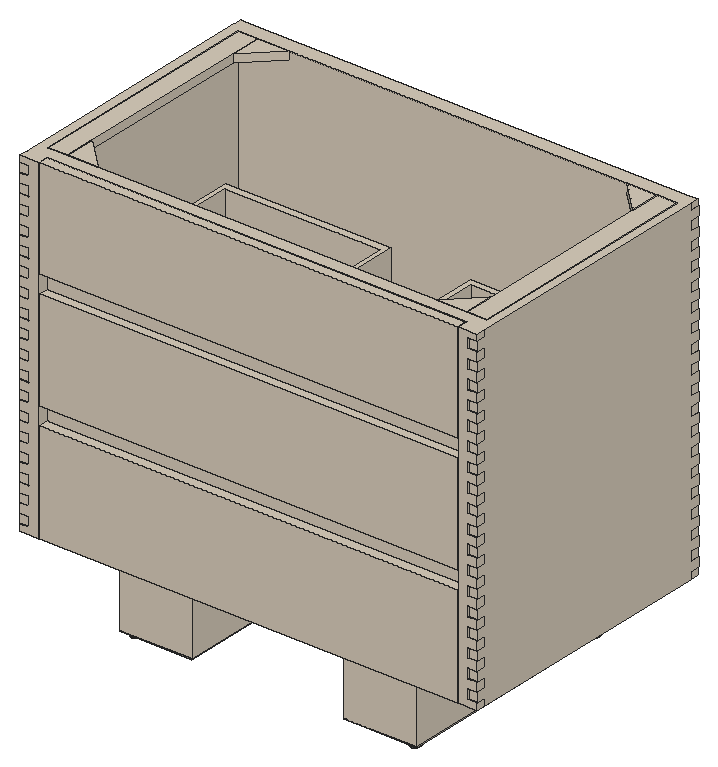
Revit family "Furniture-Floor_Mount-Vanity-KOHLER-Landshapes-K-32298_1", category Casework, host Face, Revit 2021 (continued)
Definition of nested family "K-32298"
  Lines and regions (in)
    symbolic lines, detail levels medium+fine
      curve 218: line (17.66684, -24, 8.83661) -> (17.66684, -24, 8.93307)
      curve 219: line (17.62747, -24, 8.78039) -> (17.66684, -24, 8.83661)
      curve 220: line (17.74558, -24, 6.88976) -> (17.62747, -24, 6.88976)
      curve 221: line (17.74558, -24, 28.93701) -> (17.62747, -24, 28.93701)
      curve 222: line (-23.2623, -1.6378, 32.93307) -> (-23.2623, -2.38583, 32.93307)
      curve 223: line (-23.2623, -2.38583, 32.93307) -> (-23.2623, -2.38583, 33.50394)
      curve 224: line (-23.2623, -2.38583, 32.18504) -> (-23.2623, -1.6378, 32.18504)
      curve 225: line (-23.2623, -2.38583, 31.43701) -> (-23.2623, -2.38583, 32.18504)
      curve 226: line (-23.2623, -1.6378, 31.43701) -> (-23.2623, -2.38583, 31.43701)
      curve 227: line (-23.2623, -2.38583, 30.68898) -> (-23.2623, -1.6378, 30.68898)
      curve 228: line (-23.2623, -2.38583, 29.94094) -> (-23.2623, -2.38583, 30.68898)
      curve 229: line (-23.2623, -1.6378, 29.94094) -> (-23.2623, -2.38583, 29.94094)
      curve 230: line (-23.2623, -2.38583, 29.19291) -> (-23.2623, -1.6378, 29.19291)
      curve 231: line (-23.2623, -2.38583, 28.44488) -> (-23.2623, -2.38583, 29.19291)
      curve 232: line (-23.2623, -1.6378, 28.44488) -> (-23.2623, -2.38583, 28.44488)
      curve 233: line (-23.2623, -2.38583, 27.69685) -> (-23.2623, -1.6378, 27.69685)
      curve 234: line (-23.2623, -2.38583, 26.94882) -> (-23.2623, -2.38583, 27.69685)
      curve 235: line (-23.2623, -1.6378, 26.94882) -> (-23.2623, -2.38583, 26.94882)
      curve 236: line (-23.2623, -2.38583, 26.20079) -> (-23.2623, -1.6378, 26.20079)
      curve 237: line (-23.2623, -2.38583, 25.45276) -> (-23.2623, -2.38583, 26.20079)
      curve 238: line (-23.2623, -1.6378, 25.45276) -> (-23.2623, -2.38583, 25.45276)
      curve 239: line (-23.2623, -2.38583, 24.70472) -> (-23.2623, -1.6378, 24.70472)
      curve 240: line (-23.2623, -2.38583, 23.95669) -> (-23.2623, -2.38583, 24.70472)
      curve 241: line (-23.2623, -1.6378, 23.95669) -> (-23.2623, -2.38583, 23.95669)
      curve 242: line (-23.2623, -2.38583, 23.20866) -> (-23.2623, -1.6378, 23.20866)
      curve 243: line (-23.2623, -2.38583, 22.46063) -> (-23.2623, -2.38583, 23.20866)
      curve 244: line (-23.2623, -1.6378, 22.46063) -> (-23.2623, -2.38583, 22.46063)
      curve 245: line (-23.2623, -2.38583, 21.7126) -> (-23.2623, -1.6378, 21.7126)
      curve 246: line (-23.2623, -2.38583, 20.96457) -> (-23.2623, -2.38583, 21.7126)
      curve 247: line (-23.2623, -1.6378, 20.96457) -> (-23.2623, -2.38583, 20.96457)
      curve 248: line (-23.2623, -2.38583, 20.21654) -> (-23.2623, -1.6378, 20.21654)
      curve 249: line (-23.2623, -2.38583, 19.4685) -> (-23.2623, -2.38583, 20.21654)
      curve 250: line (-23.2623, -1.6378, 19.4685) -> (-23.2623, -2.38583, 19.4685)
      curve 251: line (-23.2623, -2.38583, 18.72047) -> (-23.2623, -1.6378, 18.72047)
      curve 252: line (-23.2623, -2.38583, 17.97244) -> (-23.2623, -2.38583, 18.72047)
      curve 253: line (-23.2623, -1.6378, 17.97244) -> (-23.2623, -2.38583, 17.97244)
      curve 254: line (-23.2623, -2.38583, 17.22441) -> (-23.2623, -1.6378, 17.22441)
      curve 255: line (-23.2623, -2.38583, 16.47638) -> (-23.2623, -2.38583, 17.22441)
      curve 256: line (-23.2623, -1.6378, 16.47638) -> (-23.2623, -2.38583, 16.47638)
      curve 257: line (-23.2623, -2.38583, 15.72835) -> (-23.2623, -1.6378, 15.72835)
      curve 258: line (-23.2623, -2.38583, 14.98031) -> (-23.2623, -2.38583, 15.72835)
      curve 259: line (-23.2623, -1.6378, 14.98031) -> (-23.2623, -2.38583, 14.98031)
      curve 260: line (-23.2623, -2.38583, 14.23228) -> (-23.2623, -1.6378, 14.23228)
      curve 261: line (-23.2623, -2.38583, 13.48425) -> (-23.2623, -2.38583, 14.23228)
      curve 262: line (-23.2623, -1.6378, 13.48425) -> (-23.2623, -2.38583, 13.48425)
      curve 263: line (-23.2623, -2.38583, 12.73622) -> (-23.2623, -1.6378, 12.73622)
      curve 264: line (-23.2623, -2.38583, 11.98819) -> (-23.2623, -2.38583, 12.73622)
      curve 265: line (-23.2623, -1.6378, 11.98819) -> (-23.2623, -2.38583, 11.98819)
      curve 266: line (-23.2623, -2.38583, 11.24016) -> (-23.2623, -1.6378, 11.24016)
      curve 267: line (-23.2623, -2.38583, 10.49213) -> (-23.2623, -2.38583, 11.24016)
      curve 268: line (-23.2623, -1.6378, 10.49213) -> (-23.2623, -2.38583, 10.49213)
      curve 269: line (-23.2623, -2.38583, 9.74409) -> (-23.2623, -1.6378, 9.74409)
      curve 270: line (-23.2623, -2.38583, 8.99606) -> (-23.2623, -2.38583, 9.74409)
      curve 271: line (-23.2623, -1.6378, 8.99606) -> (-23.2623, -2.38583, 8.99606)
      curve 272: line (-23.2623, -2.38583, 8.24803) -> (-23.2623, -1.6378, 8.24803)
      curve 273: line (-23.2623, -2.38583, 7.5) -> (-23.2623, -2.38583, 8.24803)
      curve 274: line (-23.2623, -1.6378, 7.5) -> (-23.2623, -2.38583, 7.5)
      curve 275: line (-23.2623, -2.38583, 6.75197) -> (-23.2623, -1.6378, 6.75197)
      curve 276: line (-23.2623, -2.38583, 6.1811) -> (-23.2623, -2.38583, 6.75197)
      curve 277: line (-23.2623, -1.6378, 6.1811) -> (-23.2623, -23.99016, 6.1811)
      curve 278: line (-23.2623, -22.0315, 0.3937) -> (-23.2623, -2.38583, 0.3937)
      curve 279: line (-23.2623, -2.50394, 0.27559) -> (-23.2623, -21.91339, 0.27559)
      curve 280: line (-23.2623, -24, 32.93307) -> (-23.2623, -23.25197, 32.93307)
      curve 281: line (-23.2623, -23.25197, 32.93307) -> (-23.2623, -23.25197, 33.50394)
      curve 282: line (-23.2623, -23.25197, 32.18504) -> (-23.2623, -24, 32.18504)
      curve 283: line (-23.2623, -23.25197, 31.43701) -> (-23.2623, -23.25197, 32.18504)
      curve 284: line (-23.2623, -24, 31.43701) -> (-23.2623, -23.25197, 31.43701)
      curve 285: line (-23.2623, -23.25197, 30.68898) -> (-23.2623, -24, 30.68898)
      curve 286: line (-23.2623, -23.25197, 29.94094) -> (-23.2623, -23.25197, 30.68898)
      curve 287: line (-23.2623, -24, 29.94094) -> (-23.2623, -23.25197, 29.94094)
      curve 288: line (-23.2623, -23.25197, 29.19291) -> (-23.2623, -24, 29.19291)
      curve 289: line (-23.2623, -23.25197, 28.44488) -> (-23.2623, -23.25197, 29.19291)
      curve 290: line (-23.2623, -24, 28.44488) -> (-23.2623, -23.25197, 28.44488)
      curve 291: line (-23.2623, -23.25197, 27.69685) -> (-23.2623, -24, 27.69685)
      curve 292: line (-23.2623, -23.25197, 26.94882) -> (-23.2623, -23.25197, 27.69685)
      curve 293: line (-23.2623, -24, 26.94882) -> (-23.2623, -23.25197, 26.94882)
      curve 294: line (-23.2623, -23.25197, 26.20079) -> (-23.2623, -24, 26.20079)
      curve 295: line (-23.2623, -23.25197, 25.45276) -> (-23.2623, -23.25197, 26.20079)
      curve 296: line (-23.2623, -24, 25.45276) -> (-23.2623, -23.25197, 25.45276)
      curve 297: line (-23.2623, -23.25197, 24.70472) -> (-23.2623, -24, 24.70472)
      curve 298: line (-23.2623, -23.25197, 23.95669) -> (-23.2623, -23.25197, 24.70472)
      curve 299: line (-23.2623, -24, 23.95669) -> (-23.2623, -23.25197, 23.95669)
      curve 300: line (-23.2623, -23.25197, 23.20866) -> (-23.2623, -24, 23.20866)
      curve 301: line (-23.2623, -23.25197, 22.46063) -> (-23.2623, -23.25197, 23.20866)
      curve 302: line (-23.2623, -24, 22.46063) -> (-23.2623, -23.25197, 22.46063)
      curve 303: line (-23.2623, -23.25197, 21.7126) -> (-23.2623, -24, 21.7126)
      curve 304: line (-23.2623, -23.25197, 20.96457) -> (-23.2623, -23.25197, 21.7126)
      curve 305: line (-23.2623, -24, 20.96457) -> (-23.2623, -23.25197, 20.96457)
      curve 306: line (-23.2623, -23.25197, 20.21654) -> (-23.2623, -24, 20.21654)
      curve 307: line (-23.2623, -23.25197, 19.4685) -> (-23.2623, -23.25197, 20.21654)
      curve 308: line (-23.2623, -24, 19.4685) -> (-23.2623, -23.25197, 19.4685)
      curve 309: line (-23.2623, -23.25197, 18.72047) -> (-23.2623, -24, 18.72047)
      curve 310: line (-23.2623, -23.25197, 17.97244) -> (-23.2623, -23.25197, 18.72047)
      curve 311: line (-23.2623, -24, 17.97244) -> (-23.2623, -23.25197, 17.97244)
      curve 312: line (-23.2623, -23.25197, 17.22441) -> (-23.2623, -24, 17.22441)
      curve 313: line (-23.2623, -23.25197, 16.47638) -> (-23.2623, -23.25197, 17.22441)
      curve 314: line (-23.2623, -24, 16.47638) -> (-23.2623, -23.25197, 16.47638)
      curve 315: line (-23.2623, -23.25197, 15.72835) -> (-23.2623, -24, 15.72835)
      curve 316: line (-23.2623, -23.25197, 14.98031) -> (-23.2623, -23.25197, 15.72835)
      curve 317: line (-23.2623, -24, 14.98031) -> (-23.2623, -23.25197, 14.98031)
      curve 318: line (-23.2623, -23.25197, 14.23228) -> (-23.2623, -24, 14.23228)
      curve 319: line (-23.2623, -23.25197, 13.48425) -> (-23.2623, -23.25197, 14.23228)
      curve 320: line (-23.2623, -24, 13.48425) -> (-23.2623, -23.25197, 13.48425)
      curve 321: line (-23.2623, -23.25197, 12.73622) -> (-23.2623, -24, 12.73622)
      curve 322: line (-23.2623, -23.25197, 11.98819) -> (-23.2623, -23.25197, 12.73622)
      curve 323: line (-23.2623, -24, 11.98819) -> (-23.2623, -23.25197, 11.98819)
      curve 324: line (-23.2623, -23.25197, 11.24016) -> (-23.2623, -24, 11.24016)
      curve 325: line (-23.2623, -23.25197, 10.49213) -> (-23.2623, -23.25197, 11.24016)
      curve 326: line (-23.2623, -24, 10.49213) -> (-23.2623, -23.25197, 10.49213)
      curve 327: line (-23.2623, -23.25197, 9.74409) -> (-23.2623, -24, 9.74409)
      curve 328: line (-23.2623, -23.25197, 8.99606) -> (-23.2623, -23.25197, 9.74409)
      curve 329: line (-23.2623, -24, 8.99606) -> (-23.2623, -23.25197, 8.99606)
      curve 330: line (-23.2623, -23.25197, 8.24803) -> (-23.2623, -24, 8.24803)
      curve 331: line (-23.2623, -23.25197, 7.5) -> (-23.2623, -23.25197, 8.24803)
      curve 332: line (-23.2623, -24, 7.5) -> (-23.2623, -23.25197, 7.5)
      curve 333: line (-23.2623, -23.25197, 6.75197) -> (-23.2623, -24, 6.75197)
      curve 334: line (-23.2623, -23.25197, 6.1811) -> (-23.2623, -23.25197, 6.75197)
      curve 335: line (-23.2623, -2.70079, 0.0701) -> (-23.2623, -3.48327, 0.0701)
      curve 336: line (-23.2623, -21.71117, 0.0701) -> (-23.2623, -20.92869, 0.0701)
      curve 337: line (-15.43307, -5.3622, 0) -> (-12.92913, -2.85827, 0)
      curve 338: line (-12.92913, -22.11024, 0) -> (-15.43307, -19.6063, 0)
      curve 339: line (16.92913, -19.6063, 0) -> (14.4252, -22.11024, 0)
      curve 340: line (14.4252, -2.85827, 0) -> (16.91881, -5.35188, 0)
      curve 341: line (16.89866, -5.33935, 0) -> (15.66263, -5.33935, 0)
      curve 342: line (15.66263, -5.33935, 0) -> (15.66263, -5.5748, 0)
      curve 343: line (15.68947, -5.33935, 0) -> (15.68947, -5.5748, 0)
      curve 344: line (16.82309, -5.51368, 0) -> (16.89866, -5.51368, 0)
      curve 345: line (16.89866, -5.51368, 0) -> (16.89866, -5.33935, 0)
      curve 346: line (16.82309, -5.51368, 0) -> (16.82309, -5.39914, 0)
      curve 347: line (16.82309, -5.39914, 0) -> (16.02439, -5.39914, 0)
      curve 348: line (16.02439, -5.39914, 0) -> (16.02439, -5.5748, 0)
      curve 349: line (16.84194, -5.51368, 0) -> (16.84194, -5.5748, 0)
      curve 350: line (16.75929, -5.39914, 0) -> (16.75929, -5.33935, 0)
      curve 351: line (16.62011, -5.39914, 0) -> (16.62011, -5.33935, 0)
      curve 352: line (16.14618, -5.39914, 0) -> (16.14618, -5.33935, 0)
      curve 353: line (16.19547, -5.39914, 0) -> (16.19547, -5.5748, 0)
      curve 354: line (16.65925, -5.39914, 0) -> (16.65925, -5.5748, 0)
      curve 355: line (15.78951, -5.33935, 0) -> (15.78951, -5.5748, 0)
  Dimensions and locks (in)
    equal spacing: plane 3 "Left", plane 2 "Center (Left/Right)", plane 4 "Right"
    "Height": level to plane 6 "Top"
    plane 9 to plane 5 "Front" = 22.3622"
    plane 10 to plane 11 = 33.77953"
    plane 12 to plane 5 "Front" = 15.59055"
    plane 20 to plane 19 = 22.6378"
    plane 25 to plane 24 = 18.22835"
    plane 9 to plane 23 = 0.74803"
    plane 7 to plane 8 = 37.00787"
    equal spacing: plane 26, plane 2 "Center (Left/Right)", plane 27
    aligned and locked: plane 1 to level
    aligned and locked: plane 26 to plane 7
    aligned and locked: plane 27 to plane 8
    aligned and locked: plane 10 to plane 28
    aligned and locked: plane 29 to plane 11
  Automatic sketch dimensions
    curve 100 to plane 7 = 0"
    curve 99 to plane 7 = 0"
    curve 97 to plane 7 = 0"
    curve 96 to plane 7 = 0"
    curve 66 to plane 7 = 0"
    curve 63 to plane 7 = 0"
    curve 105 to plane 7 = 0"
    curve 94 to plane 7 = 0"
    curve 92 to plane 7 = 0"
    curve 49 to plane 7 = 0"
    curve 91 to plane 7 = 0"
    curve 90 to plane 7 = 0"
    curve 51 to plane 7 = 0"
    curve 88 to plane 7 = 0"
    curve 86 to plane 7 = 0"
    curve 103 to plane 7 = 0"
    curve 85 to plane 7 = 0"
    curve 84 to plane 7 = 0"
    curve 102 to plane 7 = 0"
    curve 82 to plane 7 = 0"
    curve 81 to plane 7 = 0"
    curve 55 to plane 7 = 0"
    curve 79 to plane 7 = 0"
    curve 78 to plane 7 = 0"
    curve 57 to plane 7 = 0"
    curve 76 to plane 7 = 0"
    curve 75 to plane 7 = 0"
    curve 58 to plane 7 = 0"
    curve 73 to plane 7 = 0"
    curve 67 to plane 7 = 0"
    curve 60 to plane 7 = 0"
    curve 72 to plane 7 = 0"
    curve 70 to plane 7 = 0"
    curve 61 to plane 7 = 0"
    curve 69 to plane 7 = 0"
    curve 64 to plane 7 = 0"
    curve 47 to plane 6 "Top" = 0"
    curve 46 to plane 6 "Top" = 0"
    curve 48 to plane 6 "Top" = 0"
    curve 48 to plane 16 = 0"
    curve 211 to plane 10 = 0"
    curve 111 to plane 10 = 0"
    curve 54 to plane 10 = 0"
    curve 118 to plane 10 = 0"
    curve 120 to plane 10 = 0"
    curve 127 to plane 16 = 0"
    curve 127 to plane 21 = 0"
    curve 126 to plane 21 = 0"
    curve 124 to plane 15 = 0"
    curve 203 to plane 16 = 0"
    curve 200 to plane 15 = 0"
    plane 22 to curve 202 = 0"
    plane 22 to curve 203 = 0"
    plane 11 to curve 108 = 0"
    plane 11 to curve 53 = 0"
    plane 11 to curve 109 = 0"
    plane 11 to curve 120 = 0"
    plane 11 to curve 220 = 0"
    curve 131 to plane 6 "Top" = 0"
    curve 131 to plane 16 = 0"
    curve 129 to plane 6 "Top" = 0"
    curve 130 to plane 6 "Top" = 0"
    plane 8 to curve 149 = 0"
    plane 8 to curve 140 = 0"
    plane 8 to curve 151 = 0"
    plane 8 to curve 152 = 0"
    plane 8 to curve 139 = 0"
    plane 8 to curve 154 = 0"
    plane 8 to curve 187 = 0"
    plane 8 to curve 137 = 0"
    plane 8 to curve 185 = 0"
    plane 8 to curve 184 = 0"
    plane 8 to curve 148 = 0"
    plane 8 to curve 182 = 0"
    plane 8 to curve 181 = 0"
    plane 8 to curve 132 = 0"
    plane 8 to curve 179 = 0"
    plane 8 to curve 178 = 0"
    plane 8 to curve 176 = 0"
    plane 8 to curve 142 = 0"
    plane 8 to curve 174 = 0"
    plane 8 to curve 146 = 0"
    plane 8 to curve 173 = 0"
    plane 8 to curve 145 = 0"
    plane 8 to curve 172 = 0"
    plane 8 to curve 170 = 0"
    plane 8 to curve 168 = 0"
    plane 8 to curve 134 = 0"
    plane 8 to curve 167 = 0"
    plane 8 to curve 166 = 0"
    plane 8 to curve 164 = 0"
    plane 8 to curve 163 = 0"
    plane 8 to curve 161 = 0"
    plane 8 to curve 160 = 0"
    plane 8 to curve 158 = 0"
    plane 8 to curve 143 = 0"
    plane 8 to curve 157 = 0"
    plane 8 to curve 155 = 0"
    curve 188 to plane 16 = 0"
    curve 107 to plane 16 = 0"
    plane 7 to curve 47 = 0.00984"
    curve 64 to curve 65 = 0.74803"
    curve 63 to curve 63 = 0.74803"
    curve 65 to curve 67 = 0"
    curve 70 to curve 70 = 0.74803"
    curve 60 to curve 61 = 0"
    curve 75 to curve 74 = 0.74803"
    curve 74 to curve 76 = 0"
    curve 57 to curve 58 = 0"
    curve 77 to curve 79 = 0"
    curve 80 to curve 82 = 0"
    curve 100 to curve 101 = 0.74803"
    curve 85 to curve 85 = 0.74803"
    curve 101 to curve 103 = 0"
    curve 86 to curve 88 = 0"
    curve 51 to curve 55 = 0"
    curve 89 to curve 91 = 0"
    curve 92 to curve 94 = 0"
    curve 95 to curve 97 = 0"
    curve 210 to plane 10 = 0.03937"
    curve 207 to plane 10 = 0.03937"
    curve 117 to plane 10 = 0.03937"
    curve 114 to plane 10 = 0.03937"
    plane 10 to curve 205 = 0.07874"
    plane 10 to curve 111 = 0.07874"
    curve 111 to curve 112 = 0"
    curve 205 to curve 206 = 0"
    plane 11 to curve 214 = 0.07874"
    plane 11 to curve 191 = 0.07874"
    curve 213 to curve 214 = 0"
    curve 190 to curve 191 = 0"
    curve 196 to plane 11 = 0.03937"
    curve 217 to plane 11 = 0.03937"
    curve 215 to plane 11 = 0.03937"
    curve 193 to plane 11 = 0.03937"
    curve 168 to curve 168 = 0.74803"
    curve 168 to curve 170 = 0"
    curve 166 to curve 166 = 0.74803"
    curve 171 to curve 173 = 0"
    curve 174 to curve 176 = 0"
    curve 163 to curve 163 = 0.74803"
    curve 179 to curve 179 = 0.74803"
    curve 132 to curve 132 = 0.74803"
    curve 180 to curve 182 = 0"
    curve 183 to curve 185 = 0"
    curve 133 to curve 137 = 0"
    curve 155 to curve 155 = 0.74803"
    curve 154 to plane 18 = 0.05906"
    curve 154 to curve 155 = 0"
    curve 151 to curve 152 = 0"
    curve 160 to curve 160 = 0.74803"
    curve 138 to curve 140 = 0"
    curve 148 to curve 149 = 0"
    curve 145 to curve 145 = 0.74803"
    plane 8 to curve 130 = 0.00984"
    plane 16 to curve 104 = 0.57087"
    plane 16 to curve 187 = 0.57087"
    curve 104 to curve 206 = 0.50786"
    curve 186 to curve 215 = 0.50786"
    curve 214 to curve 213 = 0"
    curve 206 to curve 205 = 0"
    curve 104 to curve 104 = 0.74803"
    curve 186 to curve 186 = 0.74803"
    curve 206 to curve 208 = 0.42102"
    curve 214 to curve 216 = 0.42102"
    curve 185 to curve 183 = 0.74803"
    curve 103 to curve 101 = 0.74803"
    curve 183 to curve 219 = 0.58858"
    curve 101 to curve 210 = 0.58858"
    curve 218 to curve 217 = 0.09646"
    curve 210 to curve 210 = 0.09646"
    curve 183 to curve 183 = 0.74803"
    curve 101 to curve 101 = 0.74803"
    curve 182 to curve 180 = 0.74803"
    curve 100 to curve 99 = 0.74803"
    curve 98 to curve 98 = 0.74803"
    curve 180 to curve 179 = 0.74803"
    curve 178 to plane 17 = 0.03543"
    curve 96 to plane 17 = 0.03543"
    plane 17 to curve 94 = 0.7126"
    plane 17 to curve 176 = 0.7126"
    curve 176 to curve 175 = 0.74803"
    curve 94 to curve 93 = 0.74803"
    curve 92 to curve 91 = 0.74803"
    curve 174 to curve 175 = 0.74803"
    curve 173 to curve 172 = 0.74803"
    curve 91 to curve 90 = 0.74803"
    curve 89 to curve 106 = 0.1378"
    curve 106 to curve 108 = 0.11811"
    curve 108 to curve 112 = 0.37007"
    curve 108 to curve 192 = 0.37007"
    curve 191 to curve 190 = 0"
    curve 112 to curve 111 = 0"
    curve 89 to curve 88 = 0.74803"
    curve 171 to curve 170 = 0.74803"
    curve 191 to curve 192 = 0.42102"
    curve 112 to curve 114 = 0.42102"
    curve 170 to curve 168 = 0.74803"
    curve 88 to curve 87 = 0.74803"
    curve 192 to curve 109 = 0.54749"
    curve 109 to curve 116 = 0.60827"
    curve 109 to curve 196 = 0.60827"
    curve 86 to curve 85 = 0.74803"
    curve 168 to curve 169 = 0.74803"
    curve 195 to curve 194 = 0.09646"
    curve 116 to curve 116 = 0.09646"
    curve 167 to curve 165 = 0.74803"
    curve 85 to curve 83 = 0.74803"
    curve 83 to curve 82 = 0.74803"
    curve 165 to curve 165 = 0.74803"
    curve 164 to curve 163 = 0.74803"
    curve 82 to curve 81 = 0.74803"
    curve 80 to curve 79 = 0.74803"
    curve 162 to curve 161 = 0.74803"
    curve 79 to curve 77 = 0.74803"
    curve 161 to curve 159 = 0.74803"
    curve 159 to curve 158 = 0.74803"
    curve 77 to curve 77 = 0.74803"
    curve 76 to curve 74 = 0.74803"
    curve 158 to curve 156 = 0.74803"
    curve 156 to curve 155 = 0.74803"
    curve 74 to curve 74 = 0.74803"
    curve 72 to plane 18 = 0.05906"
    plane 18 to curve 118 = 0.62992"
    plane 18 to curve 71 = 0.68898"
    plane 18 to curve 152 = 0.68898"
    curve 119 to curve 199 = 0.11811"
    curve 70 to curve 68 = 0.74803"
    curve 152 to curve 150 = 0.74803"
    curve 68 to curve 52 = 0.64961"
    curve 150 to curve 149 = 0.74803"
    curve 68 to curve 68 = 0.74803"
    curve 149 to curve 147 = 0.74803"
    curve 67 to curve 65 = 0.74803"
    curve 65 to curve 64 = 0.74803"
    curve 147 to curve 147 = 0.74803"
    curve 64 to curve 62 = 0.74803"
    curve 146 to curve 145 = 0.74803"
    curve 144 to curve 144 = 0.74803"
    curve 62 to curve 62 = 0.74803"
    curve 61 to curve 60 = 0.74803"
    curve 143 to curve 141 = 0.74803"
    curve 59 to curve 59 = 0.74803"
    curve 141 to curve 141 = 0.74803"
    curve 140 to curve 139 = 0.74803"
    curve 58 to curve 57 = 0.74803"
    curve 138 to curve 137 = 0.74803"
    curve 56 to curve 55 = 0.74803"
    curve 55 to curve 51 = 0.74803"
    curve 137 to curve 134 = 0.74803"
    plane 6 "Top" to curve 49 = 0.57087"
    plane 6 "Top" to curve 133 = 0.57087"
    curve 130 to curve 130 = 0.07874"
    plane 6 "Top" to curve 53 = 0.07874"
    curve 47 to curve 47 = 0.07874"
    curve 47 to curve 46 = 0.0689"
    curve 111 to curve 113 = 0.07874"
    plane 10 to curve 121 = 0.27559"
    level to curve 125 = 0.07607"
    plane 21 to curve 125 = 0.31496"
    curve 124 to curve 125 = 0"  (x2)
    plane 19 to curve 124 = 0.3937"
    curve 126 to plane 13 = 0.12205"
    curve 127 to plane 13 = 0.12205"
    curve 202 to plane 14 = 0.12205"
    curve 203 to plane 14 = 0.12205"
    plane 20 to curve 200 = 0.3937"
    level to curve 201 = 0.07607"
    curve 200 to curve 201 = 0"  (x2)
    plane 22 to curve 200 = 0.31496"
    plane 11 to curve 198 = 0.27559"
    curve 131 to plane 11 = 0.11811"
    curve 129 to curve 128 = 0.0689"
    plane 15 to curve 202 = 0.11811"
    plane 15 to curve 126 = 0.11811"
    curve 212 to curve 205 = 0.18966"
    curve 220 to curve 213 = 0.18966"
    curve 215 to curve 216 = 0.05623"
    curve 207 to curve 208 = 0.05623"
    curve 211 to curve 210 = 0.05623"
    curve 219 to curve 218 = 0.05623"
    curve 113 to curve 114 = 0.05623"
    curve 192 to curve 193 = 0.05623"
    curve 118 to curve 109 = 0"
    curve 117 to curve 116 = 0.05623"
    curve 196 to curve 195 = 0.05623"
    curve 194 to curve 189 = 0.55512"
    curve 115 to curve 110 = 0.55512"
    curve 122 to curve 64 = 0.33465"
    curve 199 to curve 146 = 0.33465"
    curve 221 to curve 141 = 0.25591"
    curve 204 to curve 59 = 0.25591"
    curve 136 to curve 133 = 0.25591"
    curve 54 to curve 50 = 0.25591"
    Sweep 1 sketch curve to plane 21 = 0"
    plane 23 to Sweep 1 sketch curve = 0"
    Sweep 1 sketch curve to plane 13 = 0.12205"
    plane 24 to Sweep 1 sketch curve = 0.74803"
    profile plane to Sweep 1 sketch curve = 0"
    Sweep 1 sketch curve to profile plane = 0.11832"
    Sweep 1 sketch curve to profile plane = 0.19685"
    level to Sweep 1 sketch curve = 0.3151"
    Sweep 1 sketch curve to Sweep 1 sketch curve = 0.11832"
    Sweep 1 sketch curve to Sweep 1 sketch curve = 5.7874"
    Sweep 2 sketch curve to plane 22 = 0"
    plane 23 to Sweep 2 sketch curve = 0"
    Sweep 2 sketch curve to plane 14 = 0.12205"
    plane 24 to Sweep 2 sketch curve = 0.74803"
    profile plane to Sweep 2 sketch curve = 0"
    profile plane to Sweep 2 sketch curve = 0.11832"
    Sweep 2 sketch curve to Sweep 2 sketch curve = 0.07853"
    level to Sweep 2 sketch curve = 0.3151"
    Sweep 2 sketch curve to Sweep 2 sketch curve = 0.11832"
    Sweep 2 sketch curve to Sweep 2 sketch curve = 5.7874"
    plane 21 to Extrusion 3 sketch curve = 0.19685"
    Extrusion 3 sketch curve to plane 13 = 0.3189"
    Extrusion 3 sketch curve to plane 14 = 0.3189"
    plane 22 to Extrusion 3 sketch curve = 0.19685"
    plane 24 to Extrusion 3 sketch curve = 0.55118"  (x2)
    plane 23 to Extrusion 3 sketch curve = 0.19685"  (x2)
    plane 5 "Front" to Extrusion 4 sketch curve = 0"  (x2)
    Extrusion 4 sketch curve to plane 7 = 0"
    Extrusion 4 sketch curve to plane 9 = 0"
    Extrusion 4 sketch curve to plane 8 = 0"
    Extrusion 4 sketch curve to plane 25 = 0.19685"
    plane 7 to Extrusion 4 sketch curve = 0.74803"  (x2)
    Extrusion 4 sketch curve to plane 10 = 0.11811"
    Extrusion 4 sketch curve to plane 11 = 0.11811"
    plane 8 to Extrusion 4 sketch curve = 0.74803"
    Extrusion 4 sketch curve to Extrusion 4 sketch curve = 0.74803"  (x2)
    Extrusion 4 sketch curve to Extrusion 4 sketch curve = 0.82677"
    plane 24 to Extrusion 4 sketch curve = 0.82677"
    Extrusion 5 sketch curve to plane 5 "Front" = 0"  (x18)
    Extrusion 5 sketch curve to plane 23 = 0"  (x19)
    Extrusion 5 sketch curve to plane 9 = 0"  (x18)
    Extrusion 5 sketch curve to plane 16 = 0.1965"  (x2)
    plane 5 "Front" to Extrusion 5 sketch curve = 0.82677"
    Extrusion 5 sketch curve to Extrusion 5 sketch curve = 0.74803"  (x77)
    Extrusion 5 sketch curve to Extrusion 5 sketch curve = 0"  (x2)
    plane 9 to Extrusion 5 sketch curve = 0.82677"
    plane 16 to Extrusion 5 sketch curve = 0.61059"  (x2)
    Extrusion 5 sketch curve to plane 17 = 0.74374"  (x2)
    plane 17 to Extrusion 5 sketch curve = 0.00429"  (x2)
    Extrusion 5 sketch curve to plane 18 = 0.01933"  (x2)
    plane 18 to Extrusion 5 sketch curve = 0.7287"  (x2)
    plane 6 "Top" to Extrusion 5 sketch curve = 0.53114"  (x2)
    Extrusion 5 sketch curve to plane 6 "Top" = 0.03972"  (x2)
    Extrusion 6 sketch curve to plane 5 "Front" = 0"  (x18)
    Extrusion 6 sketch curve to plane 23 = 0"  (x19)
    Extrusion 6 sketch curve to plane 9 = 0"  (x18)
    Extrusion 6 sketch curve to plane 16 = 0.1965"  (x2)
    plane 5 "Front" to Extrusion 6 sketch curve = 0.82677"
    Extrusion 6 sketch curve to Extrusion 6 sketch curve = 0.74803"  (x77)
    Extrusion 6 sketch curve to Extrusion 6 sketch curve = 0"  (x2)
    plane 9 to Extrusion 6 sketch curve = 0.82677"
    plane 16 to Extrusion 6 sketch curve = 0.61059"  (x2)
    Extrusion 6 sketch curve to plane 17 = 0.74374"  (x2)
    plane 17 to Extrusion 6 sketch curve = 0.00429"  (x2)
    Extrusion 6 sketch curve to plane 18 = 0.01933"  (x2)
    plane 18 to Extrusion 6 sketch curve = 0.7287"  (x2)
    plane 6 "Top" to Extrusion 6 sketch curve = 0.53114"  (x2)
    Extrusion 6 sketch curve to plane 6 "Top" = 0.03972"  (x2)
    Extrusion 7 sketch curve to plane 7 = 0"  (x19)
    plane 8 to Extrusion 7 sketch curve = 0"  (x19)
    Extrusion 7 sketch curve to plane 6 "Top" = 0.25626"  (x2)
    Extrusion 7 sketch curve to plane 7 = 0.59055"
    Extrusion 7 sketch curve to Extrusion 7 sketch curve = 0.74803"  (x76)
    Extrusion 7 sketch curve to Extrusion 7 sketch curve = 0"  (x20)
    Extrusion 7 sketch curve to plane 18 = 0.01933"  (x2)
    plane 17 to Extrusion 7 sketch curve = 0.00429"  (x2)
    Extrusion 7 sketch curve to plane 8 = 0.59055"
    Extrusion 7 sketch curve to plane 17 = 0.74374"  (x2)
    plane 16 to Extrusion 7 sketch curve = 0.61059"  (x2)
    Extrusion 7 sketch curve to plane 16 = 0.37366"  (x2)
    plane 18 to Extrusion 7 sketch curve = 0.7287"  (x2)
    plane 6 "Top" to Extrusion 7 sketch curve = 0.53114"  (x2)
    Extrusion 8 sketch curve to plane 10 = 0"  (x3)
    plane 11 to Extrusion 8 sketch curve = 0"  (x3)
    plane 16 to Extrusion 8 sketch curve = 0.03972"
    plane 17 to Extrusion 8 sketch curve = 3.13421"
    Extrusion 8 sketch curve to Extrusion 8 sketch curve = 1.45669"  (x2)
    plane 18 to Extrusion 8 sketch curve = 0.66964"
    plane 6 "Top" to Extrusion 8 sketch curve = 0.03902"
    Extrusion 9 sketch curve to plane 25 = 0.19685"
    plane 7 to Extrusion 9 sketch curve = 0.74803"
    plane 8 to Extrusion 9 sketch curve = 0.74803"
    plane 24 to Extrusion 9 sketch curve = 0.82677"
    plane 10 to Extrusion 11 sketch curve = 0.70866"  (x2)
    Extrusion 11 sketch curve to Extrusion 11 sketch curve = 0.04205"  (x8)
    plane 11 to Extrusion 11 sketch curve = 0.75071"  (x2)
    plane 24 to Extrusion 11 sketch curve = 0.82677"  (x2)
    Extrusion 11 sketch curve to plane 24 = 1.63512"  (x2)
    plane 25 to Extrusion 11 sketch curve = 2.30709"  (x2)
    Extrusion 11 sketch curve to plane 25 = 0.19685"  (x2)
    plane 10 to Extrusion 13 sketch curve = 0.27559"
    Extrusion 13 sketch curve to Extrusion 13 sketch curve = 0.3937"
    plane 11 to Extrusion 13 sketch curve = 0.86614"
    plane 11 to Extrusion 13 sketch curve = 0.27559"
    Extrusion 13 sketch curve to plane 5 "Front" = 0.7874"
    Extrusion 13 sketch curve to plane 5 "Front" = 1.29921"
    plane 12 to Extrusion 13 sketch curve = 2.32283"
    Extrusion 13 sketch curve to Extrusion 13 sketch curve = 0.51181"
    plane 10 to Extrusion 14 sketch curve = 0.66929"
    plane 11 to Extrusion 14 sketch curve = 0.65229"
    Extrusion 14 sketch curve to plane 5 "Front" = 0.90551"
    plane 12 to Extrusion 14 sketch curve = 2.32283"  (x2)
    plane 10 to Extrusion 15 sketch curve = 0.66929"
    plane 11 to Extrusion 15 sketch curve = 0.86614"
    Extrusion 15 sketch curve to plane 5 "Front" = 0.90551"
    plane 12 to Extrusion 15 sketch curve = 2.32283"
    Extrusion 16 sketch curve to plane 10 = 0"  (x2)
    plane 11 to Extrusion 16 sketch curve = 0"  (x2)
    Extrusion 16 sketch curve to plane 10 = 0.03937"  (x2)
    Extrusion 16 sketch curve to Extrusion 16 sketch curve = 0.07874"  (x8)
    Extrusion 16 sketch curve to plane 10 = 0.11811"  (x2)
    Extrusion 16 sketch curve to Extrusion 16 sketch curve = 0.19685"  (x4)
    plane 10 to Extrusion 16 sketch curve = 0.07874"  (x2)
    Extrusion 16 sketch curve to Extrusion 16 sketch curve = 0"  (x9)
    plane 10 to Extrusion 16 sketch curve = 0.66929"  (x2)
    Extrusion 16 sketch curve to Extrusion 16 sketch curve = 0.10128"  (x4)
    Extrusion 16 sketch curve to Extrusion 16 sketch curve = 0.30479"  (x4)
    Extrusion 16 sketch curve to Extrusion 16 sketch curve = 0.01518"  (x4)
    Extrusion 16 sketch curve to Extrusion 16 sketch curve = 0.13257"  (x3)
    Extrusion 16 sketch curve to Extrusion 16 sketch curve = 0.14775"
    Extrusion 16 sketch curve to Extrusion 16 sketch curve = 0.10365"  (x4)
    Extrusion 16 sketch curve to Extrusion 16 sketch curve = 0.14302"  (x2)
    Extrusion 16 sketch curve to Extrusion 16 sketch curve = 0.02419"  (x4)
    Extrusion 16 sketch curve to plane 21 = 3.06401"
    Extrusion 16 sketch curve to Extrusion 16 sketch curve = 0.19133"
    Extrusion 16 sketch curve to plane 21 = 3.13546"
    Extrusion 16 sketch curve to plane 21 = 2.93861"
    Extrusion 16 sketch curve to plane 21 = 3.10176"
    Extrusion 16 sketch curve to plane 21 = 2.90491"
    Extrusion 16 sketch curve to plane 19 = 3.05672"
    Extrusion 16 sketch curve to plane 19 = 3.25357"
    Extrusion 16 sketch curve to plane 19 = 2.86815"
    Extrusion 16 sketch curve to plane 19 = 3.06501"
    Extrusion 16 sketch curve to plane 19 = 2.91769"
    Extrusion 16 sketch curve to plane 19 = 2.72084"
    Extrusion 16 sketch curve to plane 20 = 2.62241"
    Extrusion 16 sketch curve to plane 20 = 2.91769"
    Extrusion 16 sketch curve to plane 20 = 2.76973"
    Extrusion 16 sketch curve to plane 20 = 3.06501"
    Extrusion 16 sketch curve to plane 20 = 2.95829"
    Extrusion 16 sketch curve to plane 20 = 3.25357"
    Extrusion 16 sketch curve to plane 22 = 3.10176"
    Extrusion 16 sketch curve to plane 22 = 2.80649"
    Extrusion 16 sketch curve to plane 22 = 3.13546"
    Extrusion 16 sketch curve to plane 22 = 2.84018"
    Extrusion 16 sketch curve to Extrusion 16 sketch curve = 0.1254"
    Extrusion 16 sketch curve to Extrusion 16 sketch curve = 0.1591"
    Extrusion 16 sketch curve to Extrusion 16 sketch curve = 0.31673"  (x2)
    Extrusion 16 sketch curve to Extrusion 16 sketch curve = 0.03937"  (x6)
    plane 11 to Extrusion 16 sketch curve = 0.07874"  (x2)
    Extrusion 16 sketch curve to plane 11 = 0.03937"  (x2)
    Extrusion 16 sketch curve to plane 11 = 0.11811"  (x2)
    plane 16 to Extrusion 16 sketch curve = 1.13815"  (x2)
    Extrusion 16 sketch curve to Extrusion 16 sketch curve = 0.03938"  (x5)
    Extrusion 16 sketch curve to Extrusion 16 sketch curve = 0.07873"  (x3)
    Extrusion 16 sketch curve to Extrusion 16 sketch curve = 0.01931"  (x4)
    Extrusion 16 sketch curve to Extrusion 16 sketch curve = 0.06603"  (x4)
    Extrusion 16 sketch curve to Extrusion 16 sketch curve = 0.13258"  (x4)
    Extrusion 16 sketch curve to Extrusion 16 sketch curve = 0.26472"  (x4)
    Extrusion 16 sketch curve to Extrusion 16 sketch curve = 0.0152"  (x4)
    Extrusion 16 sketch curve to Extrusion 16 sketch curve = 0.15748"  (x4)
    Extrusion 16 sketch curve to Extrusion 16 sketch curve = 0.28226"  (x4)
    Extrusion 16 sketch curve to Extrusion 16 sketch curve = 0.02417"  (x7)
    Extrusion 16 sketch curve to Extrusion 16 sketch curve = 0.41732"  (x4)
    Extrusion 16 sketch curve to Extrusion 16 sketch curve = 0.02055"  (x4)
    Extrusion 16 sketch curve to Extrusion 16 sketch curve = 0.10665"  (x4)
    Extrusion 16 sketch curve to Extrusion 16 sketch curve = 0.2357"  (x4)
    Extrusion 16 sketch curve to Extrusion 16 sketch curve = 0.4089"
    Extrusion 16 sketch curve to Extrusion 16 sketch curve = 0.06654"  (x3)
    Extrusion 16 sketch curve to Extrusion 16 sketch curve = 0.3937"  (x3)
    Extrusion 16 sketch curve to Extrusion 16 sketch curve = 0.30512"  (x4)
    plane 17 to Extrusion 16 sketch curve = 4.27201"  (x2)
    Extrusion 16 sketch curve to Extrusion 16 sketch curve = 0.33379"
    Revolve 17 sketch curve to plane 19 = 0"  (x2)
    Revolve 17 sketch curve to level = 0"
    level to Revolve 17 sketch curve = 0.04885"
    plane 15 to Revolve 17 sketch curve = 0.03972"
    Revolve 17 sketch curve to plane 19 = 0.34485"
    Revolve 17 sketch curve to Revolve 17 sketch curve = 0.16961"
    level to Revolve 17 sketch curve = 0.09531"
    Revolve 18 sketch curve to plane 19 = 0"  (x2)
    Revolve 18 sketch curve to level = 0"
    level to Revolve 18 sketch curve = 0.04885"
    plane 15 to Revolve 18 sketch curve = 0.03972"
    Revolve 18 sketch curve to plane 19 = 0.34485"
    Revolve 18 sketch curve to Revolve 18 sketch curve = 0.16961"
    level to Revolve 18 sketch curve = 0.09531"
    Masking region 1 sketch curve to plane 7 = 0"
    plane 5 "Front" to Masking region 1 sketch curve = 0"  (x3)
    Masking region 1 sketch curve to plane 10 = 0"
    Masking region 1 sketch curve to plane 11 = 0"
    Masking region 1 sketch curve to plane 8 = 0"
    Masking region 1 sketch curve to plane 9 = 0"
    Masking region 1 sketch curve to Masking region 1 sketch curve = 0.11811"
    plane 10 to Masking region 1 sketch curve = 0.27559"
    plane 11 to Masking region 1 sketch curve = 0.27559"
    Masking region 1 sketch curve to plane 11 = 0.11811"
    Masking region 1 sketch curve to plane 5 "Front" = 0.74803"  (x2)
    Masking region 1 sketch curve to Masking region 1 sketch curve = 0.07874"  (x2)
    Masking region 2 sketch curve to plane 6 "Top" = 0"
    Masking region 2 sketch curve to plane 7 = 0"
    Masking region 2 sketch curve to plane 21 = 0"
    Masking region 2 sketch curve to plane 15 = 0"  (x4)
    Masking region 2 sketch curve to level = 0"  (x2)
    Masking region 2 sketch curve to plane 19 = 0"
    Masking region 2 sketch curve to plane 16 = 0"  (x3)
    Masking region 2 sketch curve to plane 2 "Center (Left/Right)" = 0"  (x2)
    plane 20 to Masking region 2 sketch curve = 0"
    plane 22 to Masking region 2 sketch curve = 0"
    plane 8 to Masking region 2 sketch curve = 0"
    plane 21 to Masking region 2 sketch curve = 0.11811"
    Masking region 2 sketch curve to Masking region 2 sketch curve = 0.19685"
    level to Masking region 2 sketch curve = 0.07607"  (x4)
    plane 19 to Masking region 2 sketch curve = 0.31763"
    Masking region 2 sketch curve to plane 13 = 0.24016"
    Masking region 2 sketch curve to plane 13 = 0.12205"
    Masking region 2 sketch curve to plane 14 = 0.12205"
    Masking region 2 sketch curve to Masking region 2 sketch curve = 0.11811"
    plane 20 to Masking region 2 sketch curve = 0.3937"
    Masking region 2 sketch curve to plane 20 = 0.31763"
    plane 22 to Masking region 2 sketch curve = 0.11811"
    plane 15 to Masking region 2 sketch curve = 0.11811"  (x4)
    plane 20 to Revolve 19 sketch curve = 0"  (x2)
    Revolve 19 sketch curve to level = 0"
    level to Revolve 19 sketch curve = 0.04885"
    plane 15 to Revolve 19 sketch curve = 0.03972"
    Revolve 19 sketch curve to plane 20 = 0.34485"
    Revolve 19 sketch curve to Revolve 19 sketch curve = 0.16961"
    level to Revolve 19 sketch curve = 0.09531"
    plane 20 to Revolve 20 sketch curve = 0"  (x2)
    Revolve 20 sketch curve to level = 0"
    level to Revolve 20 sketch curve = 0.04885"
    plane 15 to Revolve 20 sketch curve = 0.03972"
    Revolve 20 sketch curve to plane 20 = 0.34485"
    Revolve 20 sketch curve to Revolve 20 sketch curve = 0.16961"
    level to Revolve 20 sketch curve = 0.09531"
    Masking region 3 sketch curve to plane 9 = 0"
    plane 6 "Top" to Masking region 3 sketch curve = 0"
    Masking region 3 sketch curve to plane 16 = 0"  (x2)
    Masking region 3 sketch curve to plane 23 = 0"
    Masking region 3 sketch curve to plane 15 = 0"  (x3)
    Masking region 3 sketch curve to level = 0"  (x2)
    Masking region 3 sketch curve to plane 25 = 0"
    Masking region 3 sketch curve to plane 5 "Front" = 0"
    Masking region 3 sketch curve to plane 9 = 0.07874"
    plane 23 to Masking region 3 sketch curve = 0.11811"
    Masking region 3 sketch curve to Masking region 3 sketch curve = 0.19685"  (x2)
    Masking region 3 sketch curve to Masking region 3 sketch curve = 0.0701"  (x2)
    level to Masking region 3 sketch curve = 0.0701"  (x2)
    plane 25 to Masking region 3 sketch curve = 0.35804"
    Masking region 3 sketch curve to plane 24 = 0.35477"
    plane 24 to Masking region 3 sketch curve = 0.07338"
    Masking region 3 sketch curve to Masking region 3 sketch curve = 0.28423"
    plane 15 to Masking region 3 sketch curve = 0.11811"  (x2)
    Masking region 3 sketch curve to Masking region 3 sketch curve = 0.11811"
    Masking region 3 sketch curve to plane 5 "Front" = 0.07874"
    Masking region 3 sketch curve to Masking region 3 sketch curve = 0.07874"  (x2)
    curve 222 to plane 9 = 0"
    curve 275 to plane 9 = 0"
    curve 274 to plane 9 = 0"
    curve 272 to plane 9 = 0"
    curve 271 to plane 9 = 0"
    curve 224 to plane 9 = 0"
    curve 269 to plane 9 = 0"
    curve 268 to plane 9 = 0"
    curve 226 to plane 9 = 0"
    curve 266 to plane 9 = 0"
    curve 265 to plane 9 = 0"
    curve 227 to plane 9 = 0"
    curve 263 to plane 9 = 0"
    curve 262 to plane 9 = 0"
    curve 229 to plane 9 = 0"
    curve 260 to plane 9 = 0"
    curve 259 to plane 9 = 0"
    curve 230 to plane 9 = 0"
    curve 257 to plane 9 = 0"
    curve 256 to plane 9 = 0"
    curve 232 to plane 9 = 0"
    curve 254 to plane 9 = 0"
    curve 253 to plane 9 = 0"
    curve 233 to plane 9 = 0"
    curve 251 to plane 9 = 0"
    curve 250 to plane 9 = 0"
    curve 235 to plane 9 = 0"
    curve 277 to plane 9 = 0"
    curve 248 to plane 9 = 0"
    curve 236 to plane 9 = 0"
    curve 247 to plane 9 = 0"
    curve 245 to plane 9 = 0"
    curve 238 to plane 9 = 0"
    curve 244 to plane 9 = 0"
    curve 242 to plane 9 = 0"
    curve 239 to plane 9 = 0"
    curve 241 to plane 9 = 0"
    curve 240 to plane 23 = 0"
    curve 242 to plane 23 = 0"
    curve 238 to plane 23 = 0"
    curve 245 to plane 23 = 0"
    curve 248 to plane 23 = 0"
    curve 235 to plane 23 = 0"
    curve 251 to plane 23 = 0"
    curve 254 to plane 23 = 0"
    curve 232 to plane 23 = 0"
    curve 257 to plane 23 = 0"
    curve 260 to plane 23 = 0"
    curve 229 to plane 23 = 0"
    curve 263 to plane 23 = 0"
    curve 266 to plane 23 = 0"
    curve 226 to plane 23 = 0"
    curve 269 to plane 23 = 0"
    curve 272 to plane 23 = 0"
    plane 6 "Top" to curve 223 = 0"
    curve 223 to plane 23 = 0"
    curve 275 to plane 23 = 0"
    curve 278 to plane 23 = 0"
    curve 279 to plane 15 = 0"
    plane 6 "Top" to curve 281 = 0"
    curve 334 to plane 16 = 0"
    curve 317 to plane 5 "Front" = 0"
    curve 315 to plane 5 "Front" = 0"
    curve 320 to plane 5 "Front" = 0"
    curve 314 to plane 5 "Front" = 0"
    curve 312 to plane 5 "Front" = 0"
    curve 321 to plane 5 "Front" = 0"
    curve 311 to plane 5 "Front" = 0"
    curve 309 to plane 5 "Front" = 0"
    curve 323 to plane 5 "Front" = 0"
    curve 308 to plane 5 "Front" = 0"
    curve 306 to plane 5 "Front" = 0"
    curve 324 to plane 5 "Front" = 0"
    curve 305 to plane 5 "Front" = 0"
    curve 303 to plane 5 "Front" = 0"
    curve 326 to plane 5 "Front" = 0"
    curve 302 to plane 5 "Front" = 0"
    curve 300 to plane 5 "Front" = 0"
    curve 327 to plane 5 "Front" = 0"
    curve 299 to plane 5 "Front" = 0"
    curve 297 to plane 5 "Front" = 0"
    curve 329 to plane 5 "Front" = 0"
    curve 296 to plane 5 "Front" = 0"
    curve 294 to plane 5 "Front" = 0"
    curve 330 to plane 5 "Front" = 0"
    curve 293 to plane 5 "Front" = 0"
    curve 291 to plane 5 "Front" = 0"
    curve 332 to plane 5 "Front" = 0"
    curve 290 to plane 5 "Front" = 0"
    curve 288 to plane 5 "Front" = 0"
    curve 333 to plane 5 "Front" = 0"
    curve 287 to plane 5 "Front" = 0"
    curve 285 to plane 5 "Front" = 0"
    curve 284 to plane 5 "Front" = 0"
    curve 318 to plane 5 "Front" = 0"
    curve 282 to plane 5 "Front" = 0"
    curve 280 to plane 5 "Front" = 0"
    curve 281 to curve 280 = 0.74803"
    curve 283 to curve 284 = 0.74803"
    curve 285 to curve 285 = 0.74803"
    curve 334 to curve 333 = 0.74803"
    curve 288 to curve 288 = 0.74803"
    curve 332 to curve 333 = 0"
    curve 291 to curve 291 = 0.74803"
    curve 294 to curve 294 = 0.74803"
    curve 329 to curve 329 = 0.74803"
    curve 297 to curve 297 = 0.74803"
    curve 300 to plane 18 = 0.05906"
    curve 300 to curve 300 = 0.74803"
    curve 326 to curve 326 = 0.74803"
    curve 303 to curve 303 = 0.74803"
    curve 306 to curve 306 = 0.74803"
    curve 323 to curve 323 = 0.74803"
    curve 309 to curve 309 = 0.74803"
    curve 312 to curve 312 = 0.74803"
    curve 320 to curve 320 = 0.74803"
    curve 315 to curve 315 = 0.74803"
    curve 334 to curve 333 = 0.57087"
    curve 276 to curve 276 = 0.57087"
    curve 333 to curve 332 = 0.74803"
    curve 275 to curve 273 = 0.74803"
    curve 331 to curve 331 = 0.74803"
    curve 273 to curve 272 = 0.74803"
    curve 330 to curve 329 = 0.74803"
    curve 272 to curve 271 = 0.74803"
    curve 270 to curve 270 = 0.74803"
    curve 328 to curve 328 = 0.74803"
    curve 269 to curve 267 = 0.74803"
    curve 327 to curve 326 = 0.74803"
    curve 266 to plane 17 = 0.03543"
    curve 324 to plane 17 = 0.03543"
    plane 17 to curve 265 = 0.7126"
    plane 17 to curve 323 = 0.7126"
    curve 264 to curve 263 = 0.74803"
    curve 322 to curve 322 = 0.74803"
    curve 321 to curve 320 = 0.74803"
    curve 263 to curve 262 = 0.74803"
    curve 319 to curve 318 = 0.74803"
    curve 261 to curve 261 = 0.74803"
    curve 260 to curve 258 = 0.74803"
    curve 318 to curve 316 = 0.74803"
    curve 258 to curve 258 = 0.74803"
    curve 316 to curve 315 = 0.74803"
    curve 257 to curve 255 = 0.74803"
    curve 315 to curve 313 = 0.74803"
    curve 255 to curve 255 = 0.74803"
    curve 313 to curve 312 = 0.74803"
    curve 254 to curve 253 = 0.74803"
    curve 312 to curve 310 = 0.74803"
    curve 310 to curve 309 = 0.74803"
    curve 252 to curve 252 = 0.74803"
    curve 309 to curve 307 = 0.74803"
    curve 251 to curve 250 = 0.74803"
    curve 307 to curve 306 = 0.74803"
    curve 249 to curve 248 = 0.74803"
    curve 248 to curve 247 = 0.74803"
    curve 306 to curve 305 = 0.74803"
    curve 304 to curve 303 = 0.74803"
    curve 246 to curve 245 = 0.74803"
    curve 245 to curve 244 = 0.74803"
    curve 302 to curve 300 = 0.74803"
    curve 242 to plane 18 = 0.05906"
    plane 18 to curve 298 = 0.68898"
    plane 18 to curve 240 = 0.68898"
    curve 298 to curve 298 = 0.74803"
    curve 240 to curve 239 = 0.74803"
    curve 297 to curve 295 = 0.74803"
    curve 239 to curve 237 = 0.74803"
    curve 237 to curve 237 = 0.74803"
    curve 295 to curve 295 = 0.74803"
    curve 294 to curve 292 = 0.74803"
    curve 236 to curve 235 = 0.74803"
    curve 292 to curve 292 = 0.74803"
    curve 234 to curve 233 = 0.74803"
    curve 233 to curve 231 = 0.74803"
    curve 291 to curve 289 = 0.74803"
    curve 289 to curve 289 = 0.74803"
    curve 231 to curve 230 = 0.74803"
    curve 288 to curve 286 = 0.74803"
    curve 230 to curve 229 = 0.74803"
    curve 228 to curve 227 = 0.74803"
    curve 286 to curve 285 = 0.74803"
    curve 227 to curve 225 = 0.74803"
    curve 285 to curve 283 = 0.74803"
    curve 283 to curve 283 = 0.74803"
    curve 225 to curve 225 = 0.74803"
    curve 222 to curve 223 = 0.57087"
    curve 281 to curve 281 = 0.57087"
    plane 23 to curve 279 = 0.11811"
    level to curve 335 = 0.0701"
    curve 279 to curve 335 = 0.19685"
    plane 25 to curve 335 = 0.42815"
    level to curve 336 = 0.0701"
    curve 336 to plane 24 = 0.35477"
    plane 24 to curve 336 = 0.42771"
    curve 336 to curve 279 = 0.20221"
    curve 279 to curve 278 = 0.11811"
    curve 277 to plane 5 "Front" = 0.00984"
    plane 15 to curve 278 = 0.11811"
    plane 18 to Extrusion 21 sketch curve = 1.81102"
    Extrusion 21 sketch curve to plane 24 = 4.7412"
    plane 18 to Extrusion 21 sketch curve = 0.97586"
    Extrusion 21 sketch curve to Extrusion 21 sketch curve = 0.83517"  (x2)
    Extrusion 21 sketch curve to plane 24 = 0.73964"
    plane 24 to Extrusion 21 sketch curve = 0.09553"
    Extrusion 21 sketch curve to plane 5 "Front" = 1.15852"
    Extrusion 21 sketch curve to Extrusion 21 sketch curve = 2.67717"
    plane 18 to Extrusion 22 sketch curve = 1.81102"
    Extrusion 22 sketch curve to plane 24 = 4.7412"
    plane 18 to Extrusion 22 sketch curve = 0.97586"
    Extrusion 22 sketch curve to Extrusion 22 sketch curve = 0.83517"  (x2)
    Extrusion 22 sketch curve to plane 24 = 0.73964"
    plane 24 to Extrusion 22 sketch curve = 0.09553"
    Extrusion 22 sketch curve to plane 5 "Front" = 1.15852"
    Extrusion 22 sketch curve to Extrusion 22 sketch curve = 2.67717"
    Extrusion 23 sketch curve to plane 7 = 0"
    Extrusion 23 sketch curve to plane 8 = 0"
    Extrusion 23 sketch curve to plane 25 = 0.23622"
    plane 7 to Extrusion 23 sketch curve = 0.74803"
    plane 9 to Extrusion 23 sketch curve = 0.03937"
    Extrusion 23 sketch curve to Extrusion 23 sketch curve = 0.74803"
    plane 8 to Extrusion 23 sketch curve = 0.74803"  (x2)
    plane 24 to Extrusion 23 sketch curve = 0.7874"
    Extrusion 23 sketch curve to plane 5 "Front" = 0.03937"
    plane 11 to Extrusion 23 sketch curve = 13.14961"
    Extrusion 25 sketch curve to plane 21 = 0"
    plane 23 to Extrusion 25 sketch curve = 0"  (x2)
    Extrusion 25 sketch curve to plane 13 = 0.12205"
    Extrusion 25 sketch curve to plane 14 = 0.12205"
    plane 22 to Extrusion 25 sketch curve = 0"
    plane 24 to Extrusion 25 sketch curve = 0.74803"  (x2)
    plane 10 to Extrusion 26 sketch curve = 0.70866"
    plane 11 to Extrusion 26 sketch curve = 0.55654"
    Extrusion 26 sketch curve to plane 5 "Front" = 0.82677"
    plane 12 to Extrusion 26 sketch curve = 2.24409"  (x2)
    Extrusion 27 sketch curve to plane 19 = 0"  (x2)
    Extrusion 27 sketch curve to plane 20 = 0"  (x2)
    plane 24 to Extrusion 27 sketch curve = 0"  (x2)
    plane 25 to Extrusion 27 sketch curve = 0.07874"  (x2)
    plane 21 to Extrusion 27 sketch curve = 0.31496"
    Extrusion 27 sketch curve to Extrusion 27 sketch curve = 0"  (x2)
    Extrusion 27 sketch curve to Extrusion 27 sketch curve = 0.3937"
    Extrusion 28 sketch curve to plane 25 = 0.23622"
    plane 7 to Extrusion 28 sketch curve = 0.74803"
    Extrusion 28 sketch curve to plane 11 = 0.86614"
    plane 24 to Extrusion 28 sketch curve = 0.7874"
    Extrusion 29 sketch curve to plane 6 "Top" = 0"  (x2)
    Extrusion 29 sketch curve to plane 16 = 0"  (x2)
    Extrusion 29 sketch curve to plane 10 = 0"  (x2)
    plane 11 to Extrusion 29 sketch curve = 0"  (x2)
    Extrusion 29 sketch curve to plane 10 = 0.04185"
    Extrusion 29 sketch curve to Extrusion 29 sketch curve = 0.07626"  (x2)
    Extrusion 29 sketch curve to plane 11 = 0.04185"
    plane 17 to Extrusion 29 sketch curve = 3.2126"
    Extrusion 29 sketch curve to Extrusion 29 sketch curve = 1.33858"  (x2)
    plane 18 to Extrusion 29 sketch curve = 0.74803"
    Extrusion 10 sketch curve to plane 25 = 0.19685"  (x2)
    plane 7 to Extrusion 10 sketch curve = 0.74803"
    plane 10 to Extrusion 10 sketch curve = 0.70866"
    Extrusion 10 sketch curve to plane 21 = 1.64961"  (x2)
    Extrusion 10 sketch curve to plane 22 = 1.64961"  (x2)
    plane 11 to Extrusion 10 sketch curve = 0.70866"
    plane 8 to Extrusion 10 sketch curve = 0.74803"
    plane 25 to Extrusion 10 sketch curve = 2.30709"  (x2)
    Extrusion 10 sketch curve to plane 24 = 1.67717"  (x2)
    plane 24 to Extrusion 10 sketch curve = 0.82677"  (x2)
    plane 5 "Front" to curve 7 = 0"
    curve 7 to plane 7 = 0"
    curve 1 to plane 7 = 0"
    curve 13 to plane 10 = 0"
    curve 13 to plane 11 = 0"
    plane 5 "Front" to curve 41 = 0"
    curve 41 to plane 8 = 0"
    curve 37 to plane 8 = 0"
    curve 2 to plane 9 = 0.07874"
    curve 1 to curve 2 = 0.74803"
    plane 10 to curve 26 = 0.72881"
    curve 22 to curve 28 = 0.07557"
    curve 27 to curve 28 = 0.7987"
    curve 28 to curve 22 = 0.36176"
    plane 11 to curve 342 = 1 247/256"
    curve 341 to curve 348 = 0.36176"
    curve 348 to curve 346 = 0.7987"
    curve 346 to curve 341 = 0.07557"
    plane 8 to curve 44 = 0.74803"
    curve 41 to plane 5 "Front" = 0.74803"
    curve 9 to plane 5 "Front" = 0.74803"
    plane 24 to curve 11 = 0.82677"
    plane 25 to curve 25 = 2.45856"
    curve 344 to curve 347 = 0.11454"
    curve 25 to curve 27 = 0.11454"
    curve 27 to curve 26 = 0.05979"
    curve 346 to curve 341 = 0.05979"
    curve 40 to plane 25 = 0.19685"
    curve 8 to plane 5 "Front" = 0.07874"
    curve 12 to plane 10 = 0.11811"
    curve 9 to curve 12 = 0"
    curve 8 to plane 10 = 0.11811"
    curve 21 to curve 25 = 0.02015"
    plane 10 to curve 338 = 0.71899"
    curve 337 to curve 22 = 0.00982"
    curve 30 to curve 25 = 0.01885"
    curve 27 to curve 31 = 0.06379"
    curve 31 to curve 35 = 0.10004"
    curve 35 to curve 32 = 0.03915"
    curve 34 to curve 28 = 0.17108"
    curve 34 to curve 33 = 0.0493"
    curve 36 to curve 23 = 0.12688"
    curve 24 to curve 23 = 0.02684"
    curve 337 to plane 21 = 1.63928"
    curve 338 to plane 21 = 1.63928"
    plane 13 to curve 14 = 2.35827"
    curve 14 to curve 15 = 0.3937"
    plane 14 to curve 17 = 2.75197"
    curve 18 to curve 19 = 0.3937"
    curve 339 to plane 22 = 1.65993"
    curve 340 to plane 22 = 1.65993"
    curve 342 to curve 343 = 0.02684"
    curve 343 to curve 355 = 0.10004"
    curve 347 to curve 352 = 0.12179"
    curve 348 to curve 353 = 0.17108"
    curve 351 to curve 346 = 0.20298"
    curve 351 to curve 354 = 0.03915"
    curve 350 to curve 346 = 0.06379"
    curve 344 to curve 349 = 0.01885"
    plane 11 to curve 39 = 0.70866"
    plane 11 to curve 339 = 0.69833"
    curve 12 to plane 11 = 0.11811"
    curve 42 to plane 11 = 0.11811"
    curve 43 to curve 12 = 0"
    curve 42 to plane 5 "Front" = 0.07874"
    curve 13 to curve 43 = 0"
    curve 43 to curve 12 = 0.07874"
    curve 338 to plane 24 = 1.67717"
    curve 339 to plane 24 = 1.67717"
    curve 16 to plane 24 = 5.51181"
    curve 16 to curve 17 = 0.3937"
    plane 12 to curve 19 = 2.32283"
    curve 343 to curve 343 = 0.23545"
    curve 19 to curve 18 = 0.51181"
    curve 337 to curve 22 = 0.02285"
    curve 340 to curve 341 = 0.01253"
    plane 7 to Extrusion 30 sketch curve = 0.7377"  (x2)
    Extrusion 30 sketch curve to plane 10 = 0.12844"  (x2)
    Extrusion 30 sketch curve to plane 11 = 0.12844"  (x2)
    plane 16 to Extrusion 30 sketch curve = 0.27559"  (x2)
    plane 8 to Extrusion 30 sketch curve = 0.7377"  (x2)
    Extrusion 30 sketch curve to Extrusion 30 sketch curve = 2.40157"  (x2)
    plane 17 to Extrusion 30 sketch curve = 3.2126"  (x2)
    Extrusion 30 sketch curve to Extrusion 30 sketch curve = 1.98819"  (x2)
    plane 13 to Extrusion 31 sketch curve = 2.75245"
    plane 14 to Extrusion 31 sketch curve = 2.75148"
    plane 17 to Extrusion 31 sketch curve = 3.09449"
    plane 17 to Extrusion 31 sketch curve = 0.69291"
    plane 10 to Extrusion 24 sketch curve = 0.17717"
    Extrusion 24 sketch curve to Extrusion 24 sketch curve = 0.3937"  (x3)
    Extrusion 24 sketch curve to plane 5 "Front" = 0.90551"  (x2)
    plane 13 to Extrusion 24 sketch curve = 2.25984"
    plane 13 to Extrusion 24 sketch curve = 2.65354"
    Extrusion 24 sketch curve to Extrusion 24 sketch curve = 0"  (x2)
    plane 14 to Extrusion 24 sketch curve = 2.85039"
    plane 11 to Extrusion 24 sketch curve = 0.75071"
    plane 11 to Extrusion 24 sketch curve = 0.37402"
    plane 24 to Extrusion 24 sketch curve = 1.33858"
    plane 24 to Extrusion 24 sketch curve = 0.82677"
    Extrusion 24 sketch curve to plane 24 = 5.51181"
    plane 12 to Extrusion 24 sketch curve = 2.32283"  (x2)
    Extrusion 24 sketch curve to Extrusion 24 sketch curve = 0.51181"  (x2)
    plane 10 to Extrusion 12 sketch curve = 0.27559"
    Extrusion 12 sketch curve to Extrusion 12 sketch curve = 0.3937"  (x3)
    plane 13 to Extrusion 12 sketch curve = 2.35827"
    Extrusion 12 sketch curve to Extrusion 12 sketch curve = 0"  (x2)
    Extrusion 12 sketch curve to plane 5 "Front" = 0.90551"  (x2)
    plane 14 to Extrusion 12 sketch curve = 2.75197"
    plane 11 to Extrusion 12 sketch curve = 0.65229"
    plane 11 to Extrusion 12 sketch curve = 0.27559"
    plane 24 to Extrusion 12 sketch curve = 1.33858"
    plane 24 to Extrusion 12 sketch curve = 0.82677"
    Extrusion 12 sketch curve to plane 24 = 5.51181"
    plane 12 to Extrusion 12 sketch curve = 2.32283"  (x2)
    Extrusion 12 sketch curve to Extrusion 12 sketch curve = 0.51181"  (x2)
    plane 13 to Extrusion 12 sketch curve = 2.75197"
    plane 14 to Extrusion 26 sketch curve = 2.85039"
    Extrusion 26 sketch curve to plane 24 = 5.90551"
    plane 13 to Extrusion 26 sketch curve = 2.65354"
    plane 14 to Extrusion 14 sketch curve = 2.85039"
    Extrusion 14 sketch curve to plane 24 = 5.90551"
    plane 13 to Extrusion 14 sketch curve = 2.65354"
    plane 10 to Extrusion 32 sketch curve = 0.33465"
    plane 18 to Extrusion 32 sketch curve = 4.48819"
    plane 6 "Top" to Extrusion 32 sketch curve = 1.81102"
    plane 11 to Extrusion 32 sketch curve = 0.37402"
    radius of Extrusion 27 sketch curve = 0.3937"  (x2)
